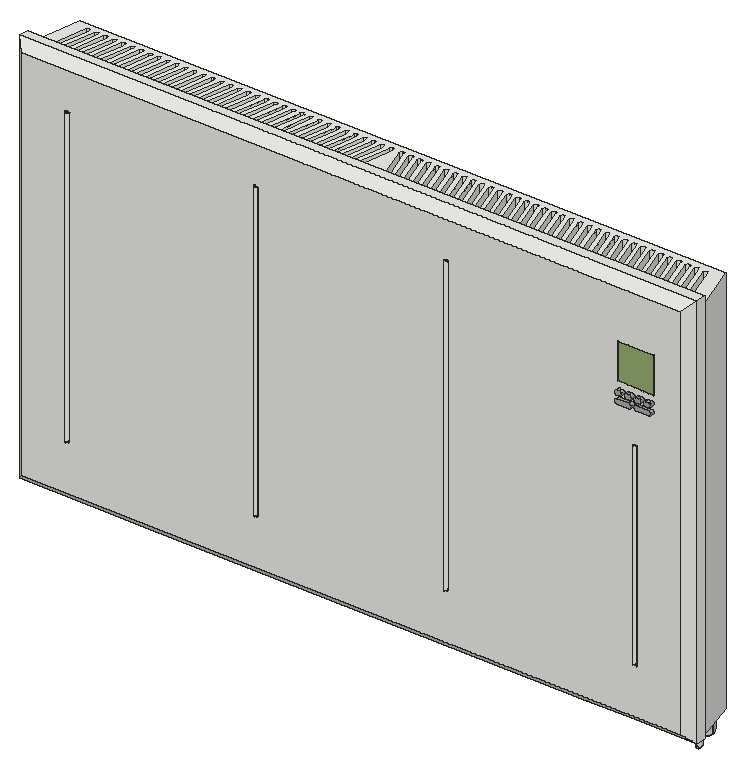
Revit family "MDN 750 PLUS", category Mechanical Equipment, Revit 2018
Family settings
  Round Connector Dimension = Use Radius
  Part Type = Normal
  OmniClass Number = 23.75.10.14.14.11
  OmniClass Title = Storage Heaters
  Work Plane-Based = No
  Always vertical = Yes
  Cut with Voids When Loaded = No
  Shared = No
  Room Calculation Point = No
Parameters
  Zwart = Zwart
  Voltage = 230 V
  URL = "https://masterwatt.nl/"
  Power (default) = 750 VA
  Phase = 1
  Model = "MDN 750 PLUS"
  Manufacturer = "Masterwatt B.V."
  Copyright = "Masterwatt B.V."  # constant formula
  Colour = Laquer White
  Scherm = Screen
  Beugel = Metaal
  Licht grijs = Licht grijs
  Diepte = 71 mm
  Hoogte = 440 mm
  Breedte = 750 mm
  Art. No. = "429 754 211"
Reference planes
  plane 1 "Center (Front/Back)": y = 0
  plane 2: z = 0
  plane 3 "Center (Left/Right)": x = 0
  plane 4: x = 375
  plane 5: x = -375
  plane 6: z = 440
  plane 7: y = 35.5
  plane 8: y = -35.5
  plane 9: z = 402
  plane 10: z = 412
  plane 11: x = -222
  plane 12: x = 222
  plane 13: z = 32
  plane 14: x = -201
  plane 15: x = 201
  plane 16: z = 367
  plane 17: x = -22
  plane 18: x = 22
Forms (mm)
  Extrusion 1, solid, material "Laquer White" <- "Colour"
    sketch origin (0, 0, 0) x (1, 0, 0) y (0, 0, 1)
      loop
        line (-375, 440) -> (-375, 0) -> (375, 0) -> (375, 440) -> (-375, 440)
    from 15.5 to 35.5
  Sweep 2, void
    path in 3D
      loop
        line (-375, -35.5, 440) -> (-375, -35.5, 0) -> (375, -35.5, 0) -> (375, -35.5, 440) -> (-375, -35.5, 440)
    profile origin (0, -35.5, 440) x (0, -1, 0) y (0, 0, 1)
      loop
        line (0, 0) -> (-10, 0) -> (0, -10) -> (0, 0)
  Blend 3, void
    base sketch origin (0, 0, 0) x (1, 0, 0) y (0, 0, 1)
      loop
        line (314, 278) -> (314, 62) -> (315, 62) -> (315, 278) -> (314, 278)
    top sketch origin (0, 0, 0) x (1, 0, 0) y (0, 0, 1)
      loop
        arc (312, 280) -> (311.293, 279.707) -> (311, 279) r 1
        line (311, 279) -> (311, 61)
        arc (311, 61) -> (311.293, 60.293) -> (312, 60) r 1
        line (312, 60) -> (317, 60)
        arc (317, 60) -> (317.707, 60.293) -> (318, 61) r 1
        line (318, 61) -> (318, 279)
        arc (318, 279) -> (317.707, 279.707) -> (317, 280) r 1
        line (317, 280) -> (312, 280)
    from 34 to 36
  Blend 4, void
    base sketch origin (-629, 0, 0) x (1, 0, 0) y (0, 0, 1)
      loop
        line (314, 388) -> (314, 62) -> (315, 62) -> (315, 388) -> (314, 388)
    top sketch origin (-629, 0, 0) x (1, 0, 0) y (0, 0, 1)
      loop
        arc (312, 390) -> (311.293, 389.707) -> (311, 389) r 1
        line (311, 389) -> (311, 61)
        arc (311, 61) -> (311.293, 60.293) -> (312, 60) r 1
        line (312, 60) -> (317, 60)
        arc (317, 60) -> (317.707, 60.293) -> (318, 61) r 1
        line (318, 61) -> (318, 389)
        arc (318, 389) -> (317.707, 389.707) -> (317, 390) r 1
        line (317, 390) -> (312, 390)
    from 34 to 36
  Blend 5, void
    base sketch origin (-420, 0, 0) x (1, 0, 0) y (0, 0, 1)
      loop
        line (314, 388) -> (314, 62) -> (315, 62) -> (315, 388) -> (314, 388)
    top sketch origin (-420, 0, 0) x (1, 0, 0) y (0, 0, 1)
      loop
        arc (312, 390) -> (311.293, 389.707) -> (311, 389) r 1
        line (311, 389) -> (311, 61)
        arc (311, 61) -> (311.293, 60.293) -> (312, 60) r 1
        line (312, 60) -> (317, 60)
        arc (317, 60) -> (317.707, 60.293) -> (318, 61) r 1
        line (318, 61) -> (318, 389)
        arc (318, 389) -> (317.707, 389.707) -> (317, 390) r 1
        line (317, 390) -> (312, 390)
    from 34 to 36
  Blend 6, void
    base sketch origin (-209, 0, 0) x (1, 0, 0) y (0, 0, 1)
      loop
        line (314, 388) -> (314, 62) -> (315, 62) -> (315, 388) -> (314, 388)
    top sketch origin (-209, 0, 0) x (1, 0, 0) y (0, 0, 1)
      loop
        arc (312, 390) -> (311.293, 389.707) -> (311, 389) r 1
        line (311, 389) -> (311, 61)
        arc (311, 61) -> (311.293, 60.293) -> (312, 60) r 1
        line (312, 60) -> (317, 60)
        arc (317, 60) -> (317.707, 60.293) -> (318, 61) r 1
        line (318, 61) -> (318, 389)
        arc (318, 389) -> (317.707, 389.707) -> (317, 390) r 1
        line (317, 390) -> (312, 390)
    from 34 to 36
  Extrusion 7, void
    sketch origin (0, 0, 0) x (1, 0, 0) y (0, 0, 1)
      loop
        line (295, 376) -> (295, 336) -> (335, 336) -> (335, 376) -> (295, 376)
    from 31.5 to 35.5
  Extrusion 8, solid, material "Screen" <- "Scherm"
    sketch origin (0, 0, 0) x (1, 0, 0) y (0, 0, 1)
      loop
        line (295, 376) -> (295, 336) -> (335, 336) -> (335, 376) -> (295, 376)
    from 31.5 to 35.5
  Extrusion 9, solid, material "Licht grijs" <- "Licht grijs"
    sketch origin (0, 0, 0) x (1, 0, 0) y (0, 0, 1)
      loop
        arc (297.5, 321.5) -> (295, 319) -> (297.5, 316.5) r 2.5
        line (297.5, 316.5) -> (311, 316.5)
        arc (311, 316.5) -> (313.5, 319) -> (311, 321.5) r 2.5
        line (311, 321.5) -> (297.5, 321.5)
      loop
        arc (319, 321.5) -> (316.5, 319) -> (319, 316.5) r 2.5
        line (319, 316.5) -> (332.5, 316.5)
        arc (332.5, 316.5) -> (335, 319) -> (332.5, 321.5) r 2.5
        line (332.5, 321.5) -> (319, 321.5)
      loop
        arc (297.5, 330) -> (295, 327.5) -> (297.5, 325) r 2.5
        line (297.5, 325) -> (300.3, 325)
        arc (300.3, 325) -> (302.8, 327.5) -> (300.3, 330) r 2.5
        line (300.3, 330) -> (297.5, 330)
      loop
        arc (319, 330) -> (316.5, 327.5) -> (319, 325) r 2.5
        line (319, 325) -> (321.8, 325)
        arc (321.8, 325) -> (324.3, 327.5) -> (321.8, 330) r 2.5
        line (321.8, 330) -> (319, 330)
      loop
        arc (329.7, 330) -> (327.2, 327.5) -> (329.7, 325) r 2.5
        line (329.7, 325) -> (332.5, 325)
        arc (332.5, 325) -> (335, 327.5) -> (332.5, 330) r 2.5
        line (332.5, 330) -> (329.7, 330)
      loop
        arc (308.2, 330) -> (305.7, 327.5) -> (308.2, 325) r 2.5
        line (308.2, 325) -> (311, 325)
        arc (311, 325) -> (313.5, 327.5) -> (311, 330) r 2.5
        line (311, 330) -> (308.2, 330)
    from 35.5 to 39.5
  Extrusion 10, solid, material "Laquer White"
    sketch origin (0, 0, 0) x (0, 1, 0) y (0, 0, 1)
      loop
        line (-25.5, 2) -> (35.5, 2) -> (35.5, 434) -> (-25.5, 428.02) -> (-25.5, 2)
    from -373 to 373
  Extrusion 11, void
    sketch origin (0, 0, 0) x (1, 0, 0) y (0, 1, 0)
      loop
        line (373, -15.5) -> (373, 35.5) -> (357.408, 35.5) -> (373, -15.5)
    from 2 to 440
  Extrusion 12, void
    sketch origin (0, 0, 0) x (-1, 0, 0) y (0, -1, 0)
      loop
        line (373, 15.5) -> (357.408, -35.5) -> (373, -35.5) -> (373, 15.5)
    from 2 to 440
  Extrusion 13, void
    sketch origin (0, 0, 0) x (1, 0, 0) y (0, 1, 0)
      loop
        arc (350.43, -7.84) -> (353.551, -9.5) -> (355.211, -6.378) r 2.5
        line (355.211, -6.378) -> (344.978, 27.092)
        arc (344.978, 27.092) -> (341.857, 28.752) -> (340.197, 25.63) r 2.5
        line (340.197, 25.63) -> (350.43, -7.84)
      loop
        arc (340.53, -7.84) -> (343.651, -9.5) -> (345.311, -6.378) r 2.5
        line (345.311, -6.378) -> (335.078, 27.092)
        arc (335.078, 27.092) -> (331.957, 28.752) -> (330.297, 25.63) r 2.5
        line (330.297, 25.63) -> (340.53, -7.84)
      loop
        arc (330.63, -7.84) -> (333.751, -9.5) -> (335.411, -6.378) r 2.5
        line (335.411, -6.378) -> (325.178, 27.092)
        arc (325.178, 27.092) -> (322.057, 28.752) -> (320.397, 25.63) r 2.5
        line (320.397, 25.63) -> (330.63, -7.84)
      loop
        arc (320.73, -7.84) -> (323.851, -9.5) -> (325.511, -6.378) r 2.5
        line (325.511, -6.378) -> (315.278, 27.092)
        arc (315.278, 27.092) -> (312.157, 28.752) -> (310.497, 25.63) r 2.5
        line (310.497, 25.63) -> (320.73, -7.84)
      loop
        arc (310.83, -7.84) -> (313.951, -9.5) -> (315.611, -6.378) r 2.5
        line (315.611, -6.378) -> (305.378, 27.092)
        arc (305.378, 27.092) -> (302.257, 28.752) -> (300.597, 25.63) r 2.5
        line (300.597, 25.63) -> (310.83, -7.84)
      loop
        arc (300.93, -7.84) -> (304.051, -9.5) -> (305.711, -6.378) r 2.5
        line (305.711, -6.378) -> (295.478, 27.092)
        arc (295.478, 27.092) -> (292.357, 28.752) -> (290.697, 25.63) r 2.5
        line (290.697, 25.63) -> (300.93, -7.84)
      loop
        arc (291.03, -7.84) -> (294.151, -9.5) -> (295.811, -6.378) r 2.5
        line (295.811, -6.378) -> (285.578, 27.092)
        arc (285.578, 27.092) -> (282.457, 28.752) -> (280.797, 25.63) r 2.5
        line (280.797, 25.63) -> (291.03, -7.84)
      loop
        arc (281.13, -7.84) -> (284.251, -9.5) -> (285.911, -6.378) r 2.5
        line (285.911, -6.378) -> (275.678, 27.092)
        arc (275.678, 27.092) -> (272.557, 28.752) -> (270.897, 25.63) r 2.5
        line (270.897, 25.63) -> (281.13, -7.84)
      loop
        arc (271.23, -7.84) -> (274.351, -9.5) -> (276.011, -6.378) r 2.5
        line (276.011, -6.378) -> (265.778, 27.092)
        arc (265.778, 27.092) -> (262.657, 28.752) -> (260.997, 25.63) r 2.5
        line (260.997, 25.63) -> (271.23, -7.84)
      loop
        arc (261.33, -7.84) -> (264.451, -9.5) -> (266.111, -6.378) r 2.5
        line (266.111, -6.378) -> (255.878, 27.092)
        arc (255.878, 27.092) -> (252.757, 28.752) -> (251.097, 25.63) r 2.5
        line (251.097, 25.63) -> (261.33, -7.84)
      loop
        arc (251.43, -7.84) -> (254.551, -9.5) -> (256.211, -6.378) r 2.5
        line (256.211, -6.378) -> (245.978, 27.092)
        arc (245.978, 27.092) -> (242.857, 28.752) -> (241.197, 25.63) r 2.5
        line (241.197, 25.63) -> (251.43, -7.84)
      loop
        arc (241.53, -7.84) -> (244.651, -9.5) -> (246.311, -6.378) r 2.5
        line (246.311, -6.378) -> (236.078, 27.092)
        arc (236.078, 27.092) -> (232.957, 28.752) -> (231.297, 25.63) r 2.5
        line (231.297, 25.63) -> (241.53, -7.84)
      loop
        arc (231.63, -7.84) -> (234.751, -9.5) -> (236.411, -6.378) r 2.5
        line (236.411, -6.378) -> (226.178, 27.092)
        arc (226.178, 27.092) -> (223.057, 28.752) -> (221.397, 25.63) r 2.5
        line (221.397, 25.63) -> (231.63, -7.84)
      loop
        arc (221.73, -7.84) -> (224.851, -9.5) -> (226.511, -6.378) r 2.5
        line (226.511, -6.378) -> (216.278, 27.092)
        arc (216.278, 27.092) -> (213.157, 28.752) -> (211.497, 25.63) r 2.5
        line (211.497, 25.63) -> (221.73, -7.84)
      loop
        arc (211.83, -7.84) -> (214.951, -9.5) -> (216.611, -6.378) r 2.5
        line (216.611, -6.378) -> (206.378, 27.092)
        arc (206.378, 27.092) -> (203.257, 28.752) -> (201.597, 25.63) r 2.5
        line (201.597, 25.63) -> (211.83, -7.84)
      loop
        arc (201.93, -7.84) -> (205.051, -9.5) -> (206.711, -6.378) r 2.5
        line (206.711, -6.378) -> (196.478, 27.092)
        arc (196.478, 27.092) -> (193.357, 28.752) -> (191.697, 25.63) r 2.5
        line (191.697, 25.63) -> (201.93, -7.84)
      loop
        arc (192.03, -7.84) -> (195.151, -9.5) -> (196.811, -6.378) r 2.5
        line (196.811, -6.378) -> (186.578, 27.092)
        arc (186.578, 27.092) -> (183.457, 28.752) -> (181.797, 25.63) r 2.5
        line (181.797, 25.63) -> (192.03, -7.84)
      loop
        arc (182.13, -7.84) -> (185.251, -9.5) -> (186.911, -6.378) r 2.5
        line (186.911, -6.378) -> (176.678, 27.092)
        arc (176.678, 27.092) -> (173.557, 28.752) -> (171.897, 25.63) r 2.5
        line (171.897, 25.63) -> (182.13, -7.84)
      loop
        arc (172.23, -7.84) -> (175.351, -9.5) -> (177.011, -6.378) r 2.5
        line (177.011, -6.378) -> (166.778, 27.092)
        arc (166.778, 27.092) -> (163.657, 28.752) -> (161.997, 25.63) r 2.5
        line (161.997, 25.63) -> (172.23, -7.84)
      loop
        arc (162.33, -7.84) -> (165.451, -9.5) -> (167.111, -6.378) r 2.5
        line (167.111, -6.378) -> (156.878, 27.092)
        arc (156.878, 27.092) -> (153.757, 28.752) -> (152.097, 25.63) r 2.5
        line (152.097, 25.63) -> (162.33, -7.84)
      loop
        arc (152.43, -7.84) -> (155.551, -9.5) -> (157.211, -6.378) r 2.5
        line (157.211, -6.378) -> (146.978, 27.092)
        arc (146.978, 27.092) -> (143.857, 28.752) -> (142.197, 25.63) r 2.5
        line (142.197, 25.63) -> (152.43, -7.84)
      loop
        arc (142.53, -7.84) -> (145.651, -9.5) -> (147.311, -6.378) r 2.5
        line (147.311, -6.378) -> (137.078, 27.092)
        arc (137.078, 27.092) -> (133.957, 28.752) -> (132.297, 25.63) r 2.5
        line (132.297, 25.63) -> (142.53, -7.84)
      loop
        arc (132.63, -7.84) -> (135.751, -9.5) -> (137.411, -6.378) r 2.5
        line (137.411, -6.378) -> (127.178, 27.092)
        arc (127.178, 27.092) -> (124.057, 28.752) -> (122.397, 25.63) r 2.5
        line (122.397, 25.63) -> (132.63, -7.84)
      loop
        arc (122.73, -7.84) -> (125.851, -9.5) -> (127.511, -6.378) r 2.5
        line (127.511, -6.378) -> (117.278, 27.092)
        arc (117.278, 27.092) -> (114.157, 28.752) -> (112.497, 25.63) r 2.5
        line (112.497, 25.63) -> (122.73, -7.84)
      loop
        arc (112.83, -7.84) -> (115.951, -9.5) -> (117.611, -6.378) r 2.5
        line (117.611, -6.378) -> (107.378, 27.092)
        arc (107.378, 27.092) -> (104.257, 28.752) -> (102.597, 25.63) r 2.5
        line (102.597, 25.63) -> (112.83, -7.84)
      loop
        arc (102.93, -7.84) -> (106.051, -9.5) -> (107.711, -6.378) r 2.5
        line (107.711, -6.378) -> (97.478, 27.092)
        arc (97.478, 27.092) -> (94.357, 28.752) -> (92.697, 25.63) r 2.5
        line (92.697, 25.63) -> (102.93, -7.84)
      loop
        arc (93.03, -7.84) -> (96.151, -9.5) -> (97.811, -6.378) r 2.5
        line (97.811, -6.378) -> (87.578, 27.092)
        arc (87.578, 27.092) -> (84.457, 28.752) -> (82.797, 25.63) r 2.5
        line (82.797, 25.63) -> (93.03, -7.84)
      loop
        arc (83.13, -7.84) -> (86.251, -9.5) -> (87.911, -6.378) r 2.5
        line (87.911, -6.378) -> (77.678, 27.092)
        arc (77.678, 27.092) -> (74.557, 28.752) -> (72.897, 25.63) r 2.5
        line (72.897, 25.63) -> (83.13, -7.84)
      loop
        arc (73.23, -7.84) -> (76.351, -9.5) -> (78.011, -6.378) r 2.5
        line (78.011, -6.378) -> (67.778, 27.092)
        arc (67.778, 27.092) -> (64.657, 28.752) -> (62.997, 25.63) r 2.5
        line (62.997, 25.63) -> (73.23, -7.84)
      loop
        arc (63.33, -7.84) -> (66.451, -9.5) -> (68.111, -6.378) r 2.5
        line (68.111, -6.378) -> (57.878, 27.092)
        arc (57.878, 27.092) -> (54.757, 28.752) -> (53.097, 25.63) r 2.5
        line (53.097, 25.63) -> (63.33, -7.84)
      loop
        arc (53.43, -7.84) -> (56.551, -9.5) -> (58.211, -6.378) r 2.5
        line (58.211, -6.378) -> (47.978, 27.092)
        arc (47.978, 27.092) -> (44.857, 28.752) -> (43.197, 25.63) r 2.5
        line (43.197, 25.63) -> (53.43, -7.84)
      loop
        arc (43.53, -7.84) -> (46.651, -9.5) -> (48.311, -6.378) r 2.5
        line (48.311, -6.378) -> (38.078, 27.092)
        arc (38.078, 27.092) -> (34.957, 28.752) -> (33.297, 25.63) r 2.5
        line (33.297, 25.63) -> (43.53, -7.84)
      loop
        arc (33.63, -7.84) -> (36.751, -9.5) -> (38.411, -6.378) r 2.5
        line (38.411, -6.378) -> (28.178, 27.092)
        arc (28.178, 27.092) -> (25.057, 28.752) -> (23.397, 25.63) r 2.5
        line (23.397, 25.63) -> (33.63, -7.84)
      loop
        arc (23.73, -7.84) -> (26.851, -9.5) -> (28.511, -6.378) r 2.5
        line (28.511, -6.378) -> (18.278, 27.092)
        arc (18.278, 27.092) -> (15.157, 28.752) -> (13.497, 25.63) r 2.5
        line (13.497, 25.63) -> (23.73, -7.84)
      loop
        arc (13.83, -7.84) -> (16.951, -9.5) -> (18.611, -6.378) r 2.5
        line (18.611, -6.378) -> (8.378, 27.092)
        arc (8.378, 27.092) -> (5.257, 28.752) -> (3.597, 25.63) r 2.5
        line (3.597, 25.63) -> (13.83, -7.84)
      loop
        line (-350.43, -7.84) -> (-340.197, 25.63)
        arc (-340.197, 25.63) -> (-341.857, 28.752) -> (-344.978, 27.092) r 2.5
        line (-344.978, 27.092) -> (-355.211, -6.378)
        arc (-355.211, -6.378) -> (-353.551, -9.5) -> (-350.43, -7.84) r 2.5
      loop
        line (-340.53, -7.84) -> (-330.297, 25.63)
        arc (-330.297, 25.63) -> (-331.957, 28.752) -> (-335.078, 27.092) r 2.5
        line (-335.078, 27.092) -> (-345.311, -6.378)
        arc (-345.311, -6.378) -> (-343.651, -9.5) -> (-340.53, -7.84) r 2.5
      loop
        line (-330.63, -7.84) -> (-320.397, 25.63)
        arc (-320.397, 25.63) -> (-322.057, 28.752) -> (-325.178, 27.092) r 2.5
        line (-325.178, 27.092) -> (-335.411, -6.378)
        arc (-335.411, -6.378) -> (-333.751, -9.5) -> (-330.63, -7.84) r 2.5
      loop
        line (-320.73, -7.84) -> (-310.497, 25.63)
        arc (-310.497, 25.63) -> (-312.157, 28.752) -> (-315.278, 27.092) r 2.5
        line (-315.278, 27.092) -> (-325.511, -6.378)
        arc (-325.511, -6.378) -> (-323.851, -9.5) -> (-320.73, -7.84) r 2.5
      loop
        line (-310.83, -7.84) -> (-300.597, 25.63)
        arc (-300.597, 25.63) -> (-302.257, 28.752) -> (-305.378, 27.092) r 2.5
        line (-305.378, 27.092) -> (-315.611, -6.378)
        arc (-315.611, -6.378) -> (-313.951, -9.5) -> (-310.83, -7.84) r 2.5
      loop
        line (-300.93, -7.84) -> (-290.697, 25.63)
        arc (-290.697, 25.63) -> (-292.357, 28.752) -> (-295.478, 27.092) r 2.5
        line (-295.478, 27.092) -> (-305.711, -6.378)
        arc (-305.711, -6.378) -> (-304.051, -9.5) -> (-300.93, -7.84) r 2.5
      loop
        line (-291.03, -7.84) -> (-280.797, 25.63)
        arc (-280.797, 25.63) -> (-282.457, 28.752) -> (-285.578, 27.092) r 2.5
        line (-285.578, 27.092) -> (-295.811, -6.378)
        arc (-295.811, -6.378) -> (-294.151, -9.5) -> (-291.03, -7.84) r 2.5
      loop
        line (-281.13, -7.84) -> (-270.897, 25.63)
        arc (-270.897, 25.63) -> (-272.557, 28.752) -> (-275.678, 27.092) r 2.5
        line (-275.678, 27.092) -> (-285.911, -6.378)
        arc (-285.911, -6.378) -> (-284.251, -9.5) -> (-281.13, -7.84) r 2.5
      loop
        line (-271.23, -7.84) -> (-260.997, 25.63)
        arc (-260.997, 25.63) -> (-262.657, 28.752) -> (-265.778, 27.092) r 2.5
        line (-265.778, 27.092) -> (-276.011, -6.378)
        arc (-276.011, -6.378) -> (-274.351, -9.5) -> (-271.23, -7.84) r 2.5
      loop
        line (-261.33, -7.84) -> (-251.097, 25.63)
        arc (-251.097, 25.63) -> (-252.757, 28.752) -> (-255.878, 27.092) r 2.5
        line (-255.878, 27.092) -> (-266.111, -6.378)
        arc (-266.111, -6.378) -> (-264.451, -9.5) -> (-261.33, -7.84) r 2.5
      loop
        line (-251.43, -7.84) -> (-241.197, 25.63)
        arc (-241.197, 25.63) -> (-242.857, 28.752) -> (-245.978, 27.092) r 2.5
        line (-245.978, 27.092) -> (-256.211, -6.378)
        arc (-256.211, -6.378) -> (-254.551, -9.5) -> (-251.43, -7.84) r 2.5
      loop
        line (-241.53, -7.84) -> (-231.297, 25.63)
        arc (-231.297, 25.63) -> (-232.957, 28.752) -> (-236.078, 27.092) r 2.5
        line (-236.078, 27.092) -> (-246.311, -6.378)
        arc (-246.311, -6.378) -> (-244.651, -9.5) -> (-241.53, -7.84) r 2.5
      loop
        line (-231.63, -7.84) -> (-221.397, 25.63)
        arc (-221.397, 25.63) -> (-223.057, 28.752) -> (-226.178, 27.092) r 2.5
        line (-226.178, 27.092) -> (-236.411, -6.378)
        arc (-236.411, -6.378) -> (-234.751, -9.5) -> (-231.63, -7.84) r 2.5
      loop
        line (-221.73, -7.84) -> (-211.497, 25.63)
        arc (-211.497, 25.63) -> (-213.157, 28.752) -> (-216.278, 27.092) r 2.5
        line (-216.278, 27.092) -> (-226.511, -6.378)
        arc (-226.511, -6.378) -> (-224.851, -9.5) -> (-221.73, -7.84) r 2.5
      loop
        line (-211.83, -7.84) -> (-201.597, 25.63)
        arc (-201.597, 25.63) -> (-203.257, 28.752) -> (-206.378, 27.092) r 2.5
        line (-206.378, 27.092) -> (-216.611, -6.378)
        arc (-216.611, -6.378) -> (-214.951, -9.5) -> (-211.83, -7.84) r 2.5
      loop
        line (-201.93, -7.84) -> (-191.697, 25.63)
        arc (-191.697, 25.63) -> (-193.357, 28.752) -> (-196.478, 27.092) r 2.5
        line (-196.478, 27.092) -> (-206.711, -6.378)
        arc (-206.711, -6.378) -> (-205.051, -9.5) -> (-201.93, -7.84) r 2.5
      loop
        line (-192.03, -7.84) -> (-181.797, 25.63)
        arc (-181.797, 25.63) -> (-183.457, 28.752) -> (-186.578, 27.092) r 2.5
        line (-186.578, 27.092) -> (-196.811, -6.378)
        arc (-196.811, -6.378) -> (-195.151, -9.5) -> (-192.03, -7.84) r 2.5
      loop
        line (-182.13, -7.84) -> (-171.897, 25.63)
        arc (-171.897, 25.63) -> (-173.557, 28.752) -> (-176.678, 27.092) r 2.5
        line (-176.678, 27.092) -> (-186.911, -6.378)
        arc (-186.911, -6.378) -> (-185.251, -9.5) -> (-182.13, -7.84) r 2.5
      loop
        line (-172.23, -7.84) -> (-161.997, 25.63)
        arc (-161.997, 25.63) -> (-163.657, 28.752) -> (-166.778, 27.092) r 2.5
        line (-166.778, 27.092) -> (-177.011, -6.378)
        arc (-177.011, -6.378) -> (-175.351, -9.5) -> (-172.23, -7.84) r 2.5
      loop
        line (-162.33, -7.84) -> (-152.097, 25.63)
        arc (-152.097, 25.63) -> (-153.757, 28.752) -> (-156.878, 27.092) r 2.5
        line (-156.878, 27.092) -> (-167.111, -6.378)
        arc (-167.111, -6.378) -> (-165.451, -9.5) -> (-162.33, -7.84) r 2.5
      loop
        line (-152.43, -7.84) -> (-142.197, 25.63)
        arc (-142.197, 25.63) -> (-143.857, 28.752) -> (-146.978, 27.092) r 2.5
        line (-146.978, 27.092) -> (-157.211, -6.378)
        arc (-157.211, -6.378) -> (-155.551, -9.5) -> (-152.43, -7.84) r 2.5
      loop
        line (-142.53, -7.84) -> (-132.297, 25.63)
        arc (-132.297, 25.63) -> (-133.957, 28.752) -> (-137.078, 27.092) r 2.5
        line (-137.078, 27.092) -> (-147.311, -6.378)
        arc (-147.311, -6.378) -> (-145.651, -9.5) -> (-142.53, -7.84) r 2.5
      loop
        line (-132.63, -7.84) -> (-122.397, 25.63)
        arc (-122.397, 25.63) -> (-124.057, 28.752) -> (-127.178, 27.092) r 2.5
        line (-127.178, 27.092) -> (-137.411, -6.378)
        arc (-137.411, -6.378) -> (-135.751, -9.5) -> (-132.63, -7.84) r 2.5
      loop
        line (-122.73, -7.84) -> (-112.497, 25.63)
        arc (-112.497, 25.63) -> (-114.157, 28.752) -> (-117.278, 27.092) r 2.5
        line (-117.278, 27.092) -> (-127.511, -6.378)
        arc (-127.511, -6.378) -> (-125.851, -9.5) -> (-122.73, -7.84) r 2.5
      loop
        line (-112.83, -7.84) -> (-102.597, 25.63)
        arc (-102.597, 25.63) -> (-104.257, 28.752) -> (-107.378, 27.092) r 2.5
        line (-107.378, 27.092) -> (-117.611, -6.378)
        arc (-117.611, -6.378) -> (-115.951, -9.5) -> (-112.83, -7.84) r 2.5
      loop
        line (-102.93, -7.84) -> (-92.697, 25.63)
        arc (-92.697, 25.63) -> (-94.357, 28.752) -> (-97.478, 27.092) r 2.5
        line (-97.478, 27.092) -> (-107.711, -6.378)
        arc (-107.711, -6.378) -> (-106.051, -9.5) -> (-102.93, -7.84) r 2.5
      loop
        line (-93.03, -7.84) -> (-82.797, 25.63)
        arc (-82.797, 25.63) -> (-84.457, 28.752) -> (-87.578, 27.092) r 2.5
        line (-87.578, 27.092) -> (-97.811, -6.378)
        arc (-97.811, -6.378) -> (-96.151, -9.5) -> (-93.03, -7.84) r 2.5
      loop
        line (-83.13, -7.84) -> (-72.897, 25.63)
        arc (-72.897, 25.63) -> (-74.557, 28.752) -> (-77.678, 27.092) r 2.5
        line (-77.678, 27.092) -> (-87.911, -6.378)
        arc (-87.911, -6.378) -> (-86.251, -9.5) -> (-83.13, -7.84) r 2.5
      loop
        line (-73.23, -7.84) -> (-62.997, 25.63)
        arc (-62.997, 25.63) -> (-64.657, 28.752) -> (-67.778, 27.092) r 2.5
        line (-67.778, 27.092) -> (-78.011, -6.378)
        arc (-78.011, -6.378) -> (-76.351, -9.5) -> (-73.23, -7.84) r 2.5
      loop
        line (-63.33, -7.84) -> (-53.097, 25.63)
        arc (-53.097, 25.63) -> (-54.757, 28.752) -> (-57.878, 27.092) r 2.5
        line (-57.878, 27.092) -> (-68.111, -6.378)
        arc (-68.111, -6.378) -> (-66.451, -9.5) -> (-63.33, -7.84) r 2.5
      loop
        line (-53.43, -7.84) -> (-43.197, 25.63)
        arc (-43.197, 25.63) -> (-44.857, 28.752) -> (-47.978, 27.092) r 2.5
        line (-47.978, 27.092) -> (-58.211, -6.378)
        arc (-58.211, -6.378) -> (-56.551, -9.5) -> (-53.43, -7.84) r 2.5
      loop
        line (-43.53, -7.84) -> (-33.297, 25.63)
        arc (-33.297, 25.63) -> (-34.957, 28.752) -> (-38.078, 27.092) r 2.5
        line (-38.078, 27.092) -> (-48.311, -6.378)
        arc (-48.311, -6.378) -> (-46.651, -9.5) -> (-43.53, -7.84) r 2.5
      loop
        line (-33.63, -7.84) -> (-23.397, 25.63)
        arc (-23.397, 25.63) -> (-25.057, 28.752) -> (-28.178, 27.092) r 2.5
        line (-28.178, 27.092) -> (-38.411, -6.378)
        arc (-38.411, -6.378) -> (-36.751, -9.5) -> (-33.63, -7.84) r 2.5
      loop
        line (-23.73, -7.84) -> (-13.497, 25.63)
        arc (-13.497, 25.63) -> (-15.157, 28.752) -> (-18.278, 27.092) r 2.5
        line (-18.278, 27.092) -> (-28.511, -6.378)
        arc (-28.511, -6.378) -> (-26.851, -9.5) -> (-23.73, -7.84) r 2.5
      loop
        line (-13.83, -7.84) -> (-3.597, 25.63)
        arc (-3.597, 25.63) -> (-5.257, 28.752) -> (-8.378, 27.092) r 2.5
        line (-8.378, 27.092) -> (-18.611, -6.378)
        arc (-18.611, -6.378) -> (-16.951, -9.5) -> (-13.83, -7.84) r 2.5
    from 420 to 440
  Extrusion 14, void
    sketch origin (0, 0, 0) x (1, 0, 0) y (0, 1, 0)
      loop
        line (297, -25.5) -> (297, -15.5) -> (253, -15.5) -> (253, -25.5) -> (297, -25.5)
    from 0 to 3
  Extrusion 15, void
    sketch origin (0, 0, 0) x (-1, 0, 0) y (0, -1, 0)
      loop
        line (297, 25.5) -> (253, 25.5) -> (253, 15.5) -> (297, 15.5) -> (297, 25.5)
    from 0 to 3
  Extrusion 16, void
    sketch origin (0, 200, 0) x (1, 0, 0) y (0, 1, 0)
      loop
        line (-330, -184) -> (-330, -209)
        arc (-330, -209) -> (-327.5, -211.5) -> (-325, -209) r 2.5
        line (-325, -209) -> (-325, -184)
        arc (-325, -184) -> (-327.5, -181.5) -> (-330, -184) r 2.5
      loop
        line (-320, -184) -> (-320, -209)
        arc (-320, -209) -> (-317.5, -211.5) -> (-315, -209) r 2.5
        line (-315, -209) -> (-315, -184)
        arc (-315, -184) -> (-317.5, -181.5) -> (-320, -184) r 2.5
      loop
        line (-310, -184) -> (-310, -209)
        arc (-310, -209) -> (-307.5, -211.5) -> (-305, -209) r 2.5
        line (-305, -209) -> (-305, -184)
        arc (-305, -184) -> (-307.5, -181.5) -> (-310, -184) r 2.5
      loop
        line (2.5, -184) -> (2.5, -209)
        arc (2.5, -209) -> (5, -211.5) -> (7.5, -209) r 2.5
        line (7.5, -209) -> (7.5, -184)
        arc (7.5, -184) -> (5, -181.5) -> (2.5, -184) r 2.5
      loop
        line (-7.5, -184) -> (-7.5, -209)
        arc (-7.5, -209) -> (-5, -211.5) -> (-2.5, -209) r 2.5
        line (-2.5, -209) -> (-2.5, -184)
        arc (-2.5, -184) -> (-5, -181.5) -> (-7.5, -184) r 2.5
      loop
        line (-17.5, -184) -> (-17.5, -209)
        arc (-17.5, -209) -> (-15, -211.5) -> (-12.5, -209) r 2.5
        line (-12.5, -209) -> (-12.5, -184)
        arc (-12.5, -184) -> (-15, -181.5) -> (-17.5, -184) r 2.5
      loop
        line (-27.5, -184) -> (-27.5, -209)
        arc (-27.5, -209) -> (-25, -211.5) -> (-22.5, -209) r 2.5
        line (-22.5, -209) -> (-22.5, -184)
        arc (-22.5, -184) -> (-25, -181.5) -> (-27.5, -184) r 2.5
      loop
        line (-37.5, -184) -> (-37.5, -209)
        arc (-37.5, -209) -> (-35, -211.5) -> (-32.5, -209) r 2.5
        line (-32.5, -209) -> (-32.5, -184)
        arc (-32.5, -184) -> (-35, -181.5) -> (-37.5, -184) r 2.5
      loop
        line (-47.5, -184) -> (-47.5, -209)
        arc (-47.5, -209) -> (-45, -211.5) -> (-42.5, -209) r 2.5
        line (-42.5, -209) -> (-42.5, -184)
        arc (-42.5, -184) -> (-45, -181.5) -> (-47.5, -184) r 2.5
      loop
        line (-57.5, -184) -> (-57.5, -209)
        arc (-57.5, -209) -> (-55, -211.5) -> (-52.5, -209) r 2.5
        line (-52.5, -209) -> (-52.5, -184)
        arc (-52.5, -184) -> (-55, -181.5) -> (-57.5, -184) r 2.5
      loop
        line (-67.5, -184) -> (-67.5, -209)
        arc (-67.5, -209) -> (-65, -211.5) -> (-62.5, -209) r 2.5
        line (-62.5, -209) -> (-62.5, -184)
        arc (-62.5, -184) -> (-65, -181.5) -> (-67.5, -184) r 2.5
      loop
        line (42.5, -184) -> (42.5, -209)
        arc (42.5, -209) -> (45, -211.5) -> (47.5, -209) r 2.5
        line (47.5, -209) -> (47.5, -184)
        arc (47.5, -184) -> (45, -181.5) -> (42.5, -184) r 2.5
      loop
        line (32.5, -184) -> (32.5, -209)
        arc (32.5, -209) -> (35, -211.5) -> (37.5, -209) r 2.5
        line (37.5, -209) -> (37.5, -184)
        arc (37.5, -184) -> (35, -181.5) -> (32.5, -184) r 2.5
      loop
        line (22.5, -184) -> (22.5, -209)
        arc (22.5, -209) -> (25, -211.5) -> (27.5, -209) r 2.5
        line (27.5, -209) -> (27.5, -184)
        arc (27.5, -184) -> (25, -181.5) -> (22.5, -184) r 2.5
      loop
        line (12.5, -184) -> (12.5, -209)
        arc (12.5, -209) -> (15, -211.5) -> (17.5, -209) r 2.5
        line (17.5, -209) -> (17.5, -184)
        arc (17.5, -184) -> (15, -181.5) -> (12.5, -184) r 2.5
      loop
        line (62.5, -184) -> (62.5, -209)
        arc (62.5, -209) -> (65, -211.5) -> (67.5, -209) r 2.5
        line (67.5, -209) -> (67.5, -184)
        arc (67.5, -184) -> (65, -181.5) -> (62.5, -184) r 2.5
      loop
        line (52.5, -184) -> (52.5, -209)
        arc (52.5, -209) -> (55, -211.5) -> (57.5, -209) r 2.5
        line (57.5, -209) -> (57.5, -184)
        arc (57.5, -184) -> (55, -181.5) -> (52.5, -184) r 2.5
      loop
        line (-97.5, -184) -> (-97.5, -209)
        arc (-97.5, -209) -> (-95, -211.5) -> (-92.5, -209) r 2.5
        line (-92.5, -209) -> (-92.5, -184)
        arc (-92.5, -184) -> (-95, -181.5) -> (-97.5, -184) r 2.5
      loop
        line (-107.5, -184) -> (-107.5, -209)
        arc (-107.5, -209) -> (-105, -211.5) -> (-102.5, -209) r 2.5
        line (-102.5, -209) -> (-102.5, -184)
        arc (-102.5, -184) -> (-105, -181.5) -> (-107.5, -184) r 2.5
      loop
        line (-117.5, -184) -> (-117.5, -209)
        arc (-117.5, -209) -> (-115, -211.5) -> (-112.5, -209) r 2.5
        line (-112.5, -209) -> (-112.5, -184)
        arc (-112.5, -184) -> (-115, -181.5) -> (-117.5, -184) r 2.5
      loop
        line (-127.5, -184) -> (-127.5, -209)
        arc (-127.5, -209) -> (-125, -211.5) -> (-122.5, -209) r 2.5
        line (-122.5, -209) -> (-122.5, -184)
        arc (-122.5, -184) -> (-125, -181.5) -> (-127.5, -184) r 2.5
      loop
        line (-137.5, -184) -> (-137.5, -209)
        arc (-137.5, -209) -> (-135, -211.5) -> (-132.5, -209) r 2.5
        line (-132.5, -209) -> (-132.5, -184)
        arc (-132.5, -184) -> (-135, -181.5) -> (-137.5, -184) r 2.5
      loop
        line (-147.5, -184) -> (-147.5, -209)
        arc (-147.5, -209) -> (-145, -211.5) -> (-142.5, -209) r 2.5
        line (-142.5, -209) -> (-142.5, -184)
        arc (-142.5, -184) -> (-145, -181.5) -> (-147.5, -184) r 2.5
      loop
        line (-157.5, -184) -> (-157.5, -209)
        arc (-157.5, -209) -> (-155, -211.5) -> (-152.5, -209) r 2.5
        line (-152.5, -209) -> (-152.5, -184)
        arc (-152.5, -184) -> (-155, -181.5) -> (-157.5, -184) r 2.5
      loop
        line (-167.5, -184) -> (-167.5, -209)
        arc (-167.5, -209) -> (-165, -211.5) -> (-162.5, -209) r 2.5
        line (-162.5, -209) -> (-162.5, -184)
        arc (-162.5, -184) -> (-165, -181.5) -> (-167.5, -184) r 2.5
      loop
        line (-77.5, -184) -> (-77.5, -209)
        arc (-77.5, -209) -> (-75, -211.5) -> (-72.5, -209) r 2.5
        line (-72.5, -209) -> (-72.5, -184)
        arc (-72.5, -184) -> (-75, -181.5) -> (-77.5, -184) r 2.5
      loop
        line (-87.5, -184) -> (-87.5, -209)
        arc (-87.5, -209) -> (-85, -211.5) -> (-82.5, -209) r 2.5
        line (-82.5, -209) -> (-82.5, -184)
        arc (-82.5, -184) -> (-85, -181.5) -> (-87.5, -184) r 2.5
      loop
        line (-197.5, -184) -> (-197.5, -209)
        arc (-197.5, -209) -> (-195, -211.5) -> (-192.5, -209) r 2.5
        line (-192.5, -209) -> (-192.5, -184)
        arc (-192.5, -184) -> (-195, -181.5) -> (-197.5, -184) r 2.5
      loop
        line (-207.5, -184) -> (-207.5, -209)
        arc (-207.5, -209) -> (-205, -211.5) -> (-202.5, -209) r 2.5
        line (-202.5, -209) -> (-202.5, -184)
        arc (-202.5, -184) -> (-205, -181.5) -> (-207.5, -184) r 2.5
      loop
        line (-217.5, -184) -> (-217.5, -209)
        arc (-217.5, -209) -> (-215, -211.5) -> (-212.5, -209) r 2.5
        line (-212.5, -209) -> (-212.5, -184)
        arc (-212.5, -184) -> (-215, -181.5) -> (-217.5, -184) r 2.5
      loop
        line (-227.5, -184) -> (-227.5, -209)
        arc (-227.5, -209) -> (-225, -211.5) -> (-222.5, -209) r 2.5
        line (-222.5, -209) -> (-222.5, -184)
        arc (-222.5, -184) -> (-225, -181.5) -> (-227.5, -184) r 2.5
      loop
        line (-237.5, -184) -> (-237.5, -209)
        arc (-237.5, -209) -> (-235, -211.5) -> (-232.5, -209) r 2.5
        line (-232.5, -209) -> (-232.5, -184)
        arc (-232.5, -184) -> (-235, -181.5) -> (-237.5, -184) r 2.5
      loop
        line (-247.033, -184) -> (-247.033, -209)
        arc (-247.033, -209) -> (-244.766, -211.266) -> (-242.5, -209) r 2.266
        line (-242.5, -209) -> (-242.5, -184)
        arc (-242.5, -184) -> (-244.766, -181.734) -> (-247.033, -184) r 2.266
      loop
        line (-177.5, -184) -> (-177.5, -209)
        arc (-177.5, -209) -> (-175, -211.5) -> (-172.5, -209) r 2.5
        line (-172.5, -209) -> (-172.5, -184)
        arc (-172.5, -184) -> (-175, -181.5) -> (-177.5, -184) r 2.5
      loop
        line (-187.5, -184) -> (-187.5, -209)
        arc (-187.5, -209) -> (-185, -211.5) -> (-182.5, -209) r 2.5
        line (-182.5, -209) -> (-182.5, -184)
        arc (-182.5, -184) -> (-185, -181.5) -> (-187.5, -184) r 2.5
      loop
        line (222.5, -184) -> (222.5, -209)
        arc (222.5, -209) -> (225, -211.5) -> (227.5, -209) r 2.5
        line (227.5, -209) -> (227.5, -184)
        arc (227.5, -184) -> (225, -181.5) -> (222.5, -184) r 2.5
      loop
        line (212.5, -184) -> (212.5, -209)
        arc (212.5, -209) -> (215, -211.5) -> (217.5, -209) r 2.5
        line (217.5, -209) -> (217.5, -184)
        arc (217.5, -184) -> (215, -181.5) -> (212.5, -184) r 2.5
      loop
        line (202.5, -184) -> (202.5, -209)
        arc (202.5, -209) -> (205, -211.5) -> (207.5, -209) r 2.5
        line (207.5, -209) -> (207.5, -184)
        arc (207.5, -184) -> (205, -181.5) -> (202.5, -184) r 2.5
      loop
        line (192.5, -184) -> (192.5, -209)
        arc (192.5, -209) -> (195, -211.5) -> (197.5, -209) r 2.5
        line (197.5, -209) -> (197.5, -184)
        arc (197.5, -184) -> (195, -181.5) -> (192.5, -184) r 2.5
      loop
        line (182.5, -184) -> (182.5, -209)
        arc (182.5, -209) -> (185, -211.5) -> (187.5, -209) r 2.5
        line (187.5, -209) -> (187.5, -184)
        arc (187.5, -184) -> (185, -181.5) -> (182.5, -184) r 2.5
      loop
        line (172.5, -184) -> (172.5, -209)
        arc (172.5, -209) -> (175, -211.5) -> (177.5, -209) r 2.5
        line (177.5, -209) -> (177.5, -184)
        arc (177.5, -184) -> (175, -181.5) -> (172.5, -184) r 2.5
      loop
        line (162.5, -184) -> (162.5, -209)
        arc (162.5, -209) -> (165, -211.5) -> (167.5, -209) r 2.5
        line (167.5, -209) -> (167.5, -184)
        arc (167.5, -184) -> (165, -181.5) -> (162.5, -184) r 2.5
      loop
        line (152.5, -184) -> (152.5, -209)
        arc (152.5, -209) -> (155, -211.5) -> (157.5, -209) r 2.5
        line (157.5, -209) -> (157.5, -184)
        arc (157.5, -184) -> (155, -181.5) -> (152.5, -184) r 2.5
      loop
        line (242.5, -184) -> (242.5, -209)
        arc (242.5, -209) -> (245, -211.5) -> (247.5, -209) r 2.5
        line (247.5, -209) -> (247.5, -184)
        arc (247.5, -184) -> (245, -181.5) -> (242.5, -184) r 2.5
      loop
        line (232.5, -184) -> (232.5, -209)
        arc (232.5, -209) -> (235, -211.5) -> (237.5, -209) r 2.5
        line (237.5, -209) -> (237.5, -184)
        arc (237.5, -184) -> (235, -181.5) -> (232.5, -184) r 2.5
      loop
        line (122.5, -184) -> (122.5, -209)
        arc (122.5, -209) -> (125, -211.5) -> (127.5, -209) r 2.5
        line (127.5, -209) -> (127.5, -184)
        arc (127.5, -184) -> (125, -181.5) -> (122.5, -184) r 2.5
      loop
        line (112.5, -184) -> (112.5, -209)
        arc (112.5, -209) -> (115, -211.5) -> (117.5, -209) r 2.5
        line (117.5, -209) -> (117.5, -184)
        arc (117.5, -184) -> (115, -181.5) -> (112.5, -184) r 2.5
      loop
        line (102.5, -184) -> (102.5, -209)
        arc (102.5, -209) -> (105, -211.5) -> (107.5, -209) r 2.5
        line (107.5, -209) -> (107.5, -184)
        arc (107.5, -184) -> (105, -181.5) -> (102.5, -184) r 2.5
      loop
        line (92.5, -184) -> (92.5, -209)
        arc (92.5, -209) -> (95, -211.5) -> (97.5, -209) r 2.5
        line (97.5, -209) -> (97.5, -184)
        arc (97.5, -184) -> (95, -181.5) -> (92.5, -184) r 2.5
      loop
        line (82.5, -184) -> (82.5, -209)
        arc (82.5, -209) -> (85, -211.5) -> (87.5, -209) r 2.5
        line (87.5, -209) -> (87.5, -184)
        arc (87.5, -184) -> (85, -181.5) -> (82.5, -184) r 2.5
      loop
        line (72.5, -184) -> (72.5, -209)
        arc (72.5, -209) -> (75, -211.5) -> (77.5, -209) r 2.5
        line (77.5, -209) -> (77.5, -184)
        arc (77.5, -184) -> (75, -181.5) -> (72.5, -184) r 2.5
      loop
        line (142.5, -184) -> (142.5, -209)
        arc (142.5, -209) -> (145, -211.5) -> (147.5, -209) r 2.5
        line (147.5, -209) -> (147.5, -184)
        arc (147.5, -184) -> (145, -181.5) -> (142.5, -184) r 2.5
      loop
        line (132.5, -184) -> (132.5, -209)
        arc (132.5, -209) -> (135, -211.5) -> (137.5, -209) r 2.5
        line (137.5, -209) -> (137.5, -184)
        arc (137.5, -184) -> (135, -181.5) -> (132.5, -184) r 2.5
      loop
        line (305, -184) -> (305, -209)
        arc (305, -209) -> (307.5, -211.5) -> (310, -209) r 2.5
        line (310, -209) -> (310, -184)
        arc (310, -184) -> (307.5, -181.5) -> (305, -184) r 2.5
      loop
        line (315, -184) -> (315, -209)
        arc (315, -209) -> (317.5, -211.5) -> (320, -209) r 2.5
        line (320, -209) -> (320, -184)
        arc (320, -184) -> (317.5, -181.5) -> (315, -184) r 2.5
      loop
        line (325, -184) -> (325, -209)
        arc (325, -209) -> (327.5, -211.5) -> (330, -209) r 2.5
        line (330, -209) -> (330, -184)
        arc (330, -184) -> (327.5, -181.5) -> (325, -184) r 2.5
      loop
        line (-350, -184) -> (-350, -209)
        arc (-350, -209) -> (-347.5, -211.5) -> (-345, -209) r 2.5
        line (-345, -209) -> (-345, -184)
        arc (-345, -184) -> (-347.5, -181.5) -> (-350, -184) r 2.5
      loop
        line (-340, -184) -> (-340, -209)
        arc (-340, -209) -> (-337.5, -211.5) -> (-335, -209) r 2.5
        line (-335, -209) -> (-335, -184)
        arc (-335, -184) -> (-337.5, -181.5) -> (-340, -184) r 2.5
    from 2 to 12
  Revolve 17, void
    sketch origin (0, 200, 2) x (1, 0, 0) y (0, 1, 0)
      loop
        line (-345, -164.5) -> (-345, -177)
        arc (-345, -177) -> (-342.5, -179.5) -> (-340, -177) r 2.5
        line (-340, -177) -> (-340, -164.5) -> (-345, -164.5)
      axis (-345, -164.5) -> (-340, -164.5)
    angle from 0 to -90
  Revolve 18, void
    sketch origin (-10, 200, 2) x (1, 0, 0) y (0, 1, 0)
      loop
        line (-345, -164.5) -> (-345, -177)
        arc (-345, -177) -> (-342.5, -179.5) -> (-340, -177) r 2.5
        line (-340, -177) -> (-340, -164.5) -> (-345, -164.5)
      axis (-345, -164.5) -> (-340, -164.5)
    angle from 0 to -90
  Revolve 19, void
    sketch origin (10, 200, 2) x (1, 0, 0) y (0, 1, 0)
      loop
        line (-345, -164.5) -> (-345, -177)
        arc (-345, -177) -> (-342.5, -179.5) -> (-340, -177) r 2.5
        line (-340, -177) -> (-340, -164.5) -> (-345, -164.5)
      axis (-345, -164.5) -> (-340, -164.5)
    angle from 0 to -90
  Revolve 20, void
    sketch origin (30, 200, 2) x (1, 0, 0) y (0, 1, 0)
      loop
        line (-345, -164.5) -> (-345, -177)
        arc (-345, -177) -> (-342.5, -179.5) -> (-340, -177) r 2.5
        line (-340, -177) -> (-340, -164.5) -> (-345, -164.5)
      axis (-345, -164.5) -> (-340, -164.5)
    angle from 0 to -90
  Revolve 21, void
    sketch origin (20, 200, 2) x (1, 0, 0) y (0, 1, 0)
      loop
        line (-345, -164.5) -> (-345, -177)
        arc (-345, -177) -> (-342.5, -179.5) -> (-340, -177) r 2.5
        line (-340, -177) -> (-340, -164.5) -> (-345, -164.5)
      axis (-345, -164.5) -> (-340, -164.5)
    angle from 0 to -90
  Revolve 22, void
    sketch origin (-30, 200, 2) x (-1, 0, 0) y (0, -1, 0)
      loop
        line (-345, 164.5) -> (-340, 164.5) -> (-340, 177)
        arc (-340, 177) -> (-342.5, 179.5) -> (-345, 177) r 2.5
        line (-345, 177) -> (-345, 164.5)
      axis (-345, 164.5) -> (-340, 164.5)
    angle from 0 to -90
  Revolve 23, void
    sketch origin (-20, 200, 2) x (-1, 0, 0) y (0, -1, 0)
      loop
        line (-345, 164.5) -> (-340, 164.5) -> (-340, 177)
        arc (-340, 177) -> (-342.5, 179.5) -> (-345, 177) r 2.5
        line (-345, 177) -> (-345, 164.5)
      axis (-345, 164.5) -> (-340, 164.5)
    angle from 0 to -90
  Revolve 24, void
    sketch origin (112.5, 200, 2) x (1, 0, 0) y (0, 1, 0)
      loop
        line (-345, -164.5) -> (-345, -177)
        arc (-345, -177) -> (-342.5, -179.5) -> (-340, -177) r 2.5
        line (-340, -177) -> (-340, -164.5) -> (-345, -164.5)
      axis (-345, -164.5) -> (-340, -164.5)
    angle from 0 to -90
  Revolve 25, void
    sketch origin (102.5, 200, 2) x (1, 0, 0) y (0, 1, 0)
      loop
        line (-345, -164.5) -> (-345, -177)
        arc (-345, -177) -> (-342.5, -179.5) -> (-340, -177) r 2.5
        line (-340, -177) -> (-340, -164.5) -> (-345, -164.5)
      axis (-345, -164.5) -> (-340, -164.5)
    angle from 0 to -90
  Revolve 26, void
    sketch origin (122.5, 200, 2) x (1, 0, 0) y (0, 1, 0)
      loop
        line (-345, -164.5) -> (-345, -177)
        arc (-345, -177) -> (-342.5, -179.5) -> (-340, -177) r 2.5
        line (-340, -177) -> (-340, -164.5) -> (-345, -164.5)
      axis (-345, -164.5) -> (-340, -164.5)
    angle from 0 to -90
  Revolve 27, void
    sketch origin (142.5, 200, 2) x (1, 0, 0) y (0, 1, 0)
      loop
        line (-345, -164.5) -> (-345, -177)
        arc (-345, -177) -> (-342.5, -179.5) -> (-340, -177) r 2.5
        line (-340, -177) -> (-340, -164.5) -> (-345, -164.5)
      axis (-345, -164.5) -> (-340, -164.5)
    angle from 0 to -90
  Revolve 28, void
    sketch origin (132.5, 200, 2) x (1, 0, 0) y (0, 1, 0)
      loop
        line (-345, -164.5) -> (-345, -177)
        arc (-345, -177) -> (-342.5, -179.5) -> (-340, -177) r 2.5
        line (-340, -177) -> (-340, -164.5) -> (-345, -164.5)
      axis (-345, -164.5) -> (-340, -164.5)
    angle from 0 to -90
  Revolve 29, void
    sketch origin (162.5, 200, 2) x (1, 0, 0) y (0, 1, 0)
      loop
        line (-345, -164.5) -> (-345, -177)
        arc (-345, -177) -> (-342.5, -179.5) -> (-340, -177) r 2.5
        line (-340, -177) -> (-340, -164.5) -> (-345, -164.5)
      axis (-345, -164.5) -> (-340, -164.5)
    angle from 0 to -90
  Revolve 30, void
    sketch origin (152.5, 200, 2) x (1, 0, 0) y (0, 1, 0)
      loop
        line (-345, -164.5) -> (-345, -177)
        arc (-345, -177) -> (-342.5, -179.5) -> (-340, -177) r 2.5
        line (-340, -177) -> (-340, -164.5) -> (-345, -164.5)
      axis (-345, -164.5) -> (-340, -164.5)
    angle from 0 to -90
  Revolve 31, void
    sketch origin (172.5, 200, 2) x (1, 0, 0) y (0, 1, 0)
      loop
        line (-345, -164.5) -> (-345, -177)
        arc (-345, -177) -> (-342.5, -179.5) -> (-340, -177) r 2.5
        line (-340, -177) -> (-340, -164.5) -> (-345, -164.5)
      axis (-345, -164.5) -> (-340, -164.5)
    angle from 0 to -90
  Revolve 32, void
    sketch origin (192.5, 200, 2) x (1, 0, 0) y (0, 1, 0)
      loop
        line (-345, -164.5) -> (-345, -177)
        arc (-345, -177) -> (-342.5, -179.5) -> (-340, -177) r 2.5
        line (-340, -177) -> (-340, -164.5) -> (-345, -164.5)
      axis (-345, -164.5) -> (-340, -164.5)
    angle from 0 to -90
  Revolve 33, void
    sketch origin (182.5, 200, 2) x (1, 0, 0) y (0, 1, 0)
      loop
        line (-345, -164.5) -> (-345, -177)
        arc (-345, -177) -> (-342.5, -179.5) -> (-340, -177) r 2.5
        line (-340, -177) -> (-340, -164.5) -> (-345, -164.5)
      axis (-345, -164.5) -> (-340, -164.5)
    angle from 0 to -90
  Revolve 34, void
    sketch origin (212.5, 200, 2) x (1, 0, 0) y (0, 1, 0)
      loop
        line (-345, -164.5) -> (-345, -177)
        arc (-345, -177) -> (-342.5, -179.5) -> (-340, -177) r 2.5
        line (-340, -177) -> (-340, -164.5) -> (-345, -164.5)
      axis (-345, -164.5) -> (-340, -164.5)
    angle from 0 to -90
  Revolve 35, void
    sketch origin (202.5, 200, 2) x (1, 0, 0) y (0, 1, 0)
      loop
        line (-345, -164.5) -> (-345, -177)
        arc (-345, -177) -> (-342.5, -179.5) -> (-340, -177) r 2.5
        line (-340, -177) -> (-340, -164.5) -> (-345, -164.5)
      axis (-345, -164.5) -> (-340, -164.5)
    angle from 0 to -90
  Revolve 36, void
    sketch origin (222.5, 200, 2) x (1, 0, 0) y (0, 1, 0)
      loop
        line (-345, -164.5) -> (-345, -177)
        arc (-345, -177) -> (-342.5, -179.5) -> (-340, -177) r 2.5
        line (-340, -177) -> (-340, -164.5) -> (-345, -164.5)
      axis (-345, -164.5) -> (-340, -164.5)
    angle from 0 to -90
  Revolve 37, void
    sketch origin (242.5, 200, 2) x (1, 0, 0) y (0, 1, 0)
      loop
        line (-345, -164.5) -> (-345, -177)
        arc (-345, -177) -> (-342.5, -179.5) -> (-340, -177) r 2.5
        line (-340, -177) -> (-340, -164.5) -> (-345, -164.5)
      axis (-345, -164.5) -> (-340, -164.5)
    angle from 0 to -90
  Revolve 38, void
    sketch origin (232.5, 200, 2) x (1, 0, 0) y (0, 1, 0)
      loop
        line (-345, -164.5) -> (-345, -177)
        arc (-345, -177) -> (-342.5, -179.5) -> (-340, -177) r 2.5
        line (-340, -177) -> (-340, -164.5) -> (-345, -164.5)
      axis (-345, -164.5) -> (-340, -164.5)
    angle from 0 to -90
  Revolve 39, void
    sketch origin (262.5, 200, 2) x (1, 0, 0) y (0, 1, 0)
      loop
        line (-345, -164.5) -> (-345, -177)
        arc (-345, -177) -> (-342.5, -179.5) -> (-340, -177) r 2.5
        line (-340, -177) -> (-340, -164.5) -> (-345, -164.5)
      axis (-345, -164.5) -> (-340, -164.5)
    angle from 0 to -90
  Revolve 40, void
    sketch origin (252.5, 200, 2) x (1, 0, 0) y (0, 1, 0)
      loop
        line (-345, -164.5) -> (-345, -177)
        arc (-345, -177) -> (-342.5, -179.5) -> (-340, -177) r 2.5
        line (-340, -177) -> (-340, -164.5) -> (-345, -164.5)
      axis (-345, -164.5) -> (-340, -164.5)
    angle from 0 to -90
  Revolve 41, void
    sketch origin (272.5, 200, 2) x (1, 0, 0) y (0, 1, 0)
      loop
        line (-345, -164.5) -> (-345, -177)
        arc (-345, -177) -> (-342.5, -179.5) -> (-340, -177) r 2.5
        line (-340, -177) -> (-340, -164.5) -> (-345, -164.5)
      axis (-345, -164.5) -> (-340, -164.5)
    angle from 0 to -90
  Revolve 42, void
    sketch origin (292.5, 200, 2) x (1, 0, 0) y (0, 1, 0)
      loop
        line (-345, -164.5) -> (-345, -177)
        arc (-345, -177) -> (-342.5, -179.5) -> (-340, -177) r 2.5
        line (-340, -177) -> (-340, -164.5) -> (-345, -164.5)
      axis (-345, -164.5) -> (-340, -164.5)
    angle from 0 to -90
  Revolve 43, void
    sketch origin (282.5, 200, 2) x (1, 0, 0) y (0, 1, 0)
      loop
        line (-345, -164.5) -> (-345, -177)
        arc (-345, -177) -> (-342.5, -179.5) -> (-340, -177) r 2.5
        line (-340, -177) -> (-340, -164.5) -> (-345, -164.5)
      axis (-345, -164.5) -> (-340, -164.5)
    angle from 0 to -90
  Revolve 44, void
    sketch origin (312.5, 200, 2) x (1, 0, 0) y (0, 1, 0)
      loop
        line (-345, -164.5) -> (-345, -177)
        arc (-345, -177) -> (-342.5, -179.5) -> (-340, -177) r 2.5
        line (-340, -177) -> (-340, -164.5) -> (-345, -164.5)
      axis (-345, -164.5) -> (-340, -164.5)
    angle from 0 to -90
  Revolve 45, void
    sketch origin (302.5, 200, 2) x (1, 0, 0) y (0, 1, 0)
      loop
        line (-345, -164.5) -> (-345, -177)
        arc (-345, -177) -> (-342.5, -179.5) -> (-340, -177) r 2.5
        line (-340, -177) -> (-340, -164.5) -> (-345, -164.5)
      axis (-345, -164.5) -> (-340, -164.5)
    angle from 0 to -90
  Revolve 46, void
    sketch origin (322.5, 200, 2) x (1, 0, 0) y (0, 1, 0)
      loop
        line (-345, -164.5) -> (-345, -177)
        arc (-345, -177) -> (-342.5, -179.5) -> (-340, -177) r 2.5
        line (-340, -177) -> (-340, -164.5) -> (-345, -164.5)
      axis (-345, -164.5) -> (-340, -164.5)
    angle from 0 to -90
  Revolve 47, void
    sketch origin (342.5, 200, 2) x (1, 0, 0) y (0, 1, 0)
      loop
        line (-345, -164.5) -> (-345, -177)
        arc (-345, -177) -> (-342.5, -179.5) -> (-340, -177) r 2.5
        line (-340, -177) -> (-340, -164.5) -> (-345, -164.5)
      axis (-345, -164.5) -> (-340, -164.5)
    angle from 0 to -90
  Revolve 48, void
    sketch origin (332.5, 200, 2) x (1, 0, 0) y (0, 1, 0)
      loop
        line (-345, -164.5) -> (-345, -177)
        arc (-345, -177) -> (-342.5, -179.5) -> (-340, -177) r 2.5
        line (-340, -177) -> (-340, -164.5) -> (-345, -164.5)
      axis (-345, -164.5) -> (-340, -164.5)
    angle from 0 to -90
  Revolve 49, void
    sketch origin (362.5, 200, 2) x (1, 0, 0) y (0, 1, 0)
      loop
        line (-345, -164.5) -> (-345, -177)
        arc (-345, -177) -> (-342.5, -179.5) -> (-340, -177) r 2.5
        line (-340, -177) -> (-340, -164.5) -> (-345, -164.5)
      axis (-345, -164.5) -> (-340, -164.5)
    angle from 0 to -90
  Revolve 50, void
    sketch origin (352.5, 200, 2) x (1, 0, 0) y (0, 1, 0)
      loop
        line (-345, -164.5) -> (-345, -177)
        arc (-345, -177) -> (-342.5, -179.5) -> (-340, -177) r 2.5
        line (-340, -177) -> (-340, -164.5) -> (-345, -164.5)
      axis (-345, -164.5) -> (-340, -164.5)
    angle from 0 to -90
  Revolve 51, void
    sketch origin (372.5, 200, 2) x (1, 0, 0) y (0, 1, 0)
      loop
        line (-345, -164.5) -> (-345, -177)
        arc (-345, -177) -> (-342.5, -179.5) -> (-340, -177) r 2.5
        line (-340, -177) -> (-340, -164.5) -> (-345, -164.5)
      axis (-345, -164.5) -> (-340, -164.5)
    angle from 0 to -90
  Revolve 52, void
    sketch origin (392.5, 200, 2) x (1, 0, 0) y (0, 1, 0)
      loop
        line (-345, -164.5) -> (-345, -177)
        arc (-345, -177) -> (-342.5, -179.5) -> (-340, -177) r 2.5
        line (-340, -177) -> (-340, -164.5) -> (-345, -164.5)
      axis (-345, -164.5) -> (-340, -164.5)
    angle from 0 to -90
  Revolve 53, void
    sketch origin (382.5, 200, 2) x (1, 0, 0) y (0, 1, 0)
      loop
        line (-345, -164.5) -> (-345, -177)
        arc (-345, -177) -> (-342.5, -179.5) -> (-340, -177) r 2.5
        line (-340, -177) -> (-340, -164.5) -> (-345, -164.5)
      axis (-345, -164.5) -> (-340, -164.5)
    angle from 0 to -90
  Revolve 54, void
    sketch origin (412.5, 200, 2) x (1, 0, 0) y (0, 1, 0)
      loop
        line (-345, -164.5) -> (-345, -177)
        arc (-345, -177) -> (-342.5, -179.5) -> (-340, -177) r 2.5
        line (-340, -177) -> (-340, -164.5) -> (-345, -164.5)
      axis (-345, -164.5) -> (-340, -164.5)
    angle from 0 to -90
  Revolve 55, void
    sketch origin (402.5, 200, 2) x (1, 0, 0) y (0, 1, 0)
      loop
        line (-345, -164.5) -> (-345, -177)
        arc (-345, -177) -> (-342.5, -179.5) -> (-340, -177) r 2.5
        line (-340, -177) -> (-340, -164.5) -> (-345, -164.5)
      axis (-345, -164.5) -> (-340, -164.5)
    angle from 0 to -90
  Revolve 56, void
    sketch origin (422.5, 200, 2) x (1, 0, 0) y (0, 1, 0)
      loop
        line (-345, -164.5) -> (-345, -177)
        arc (-345, -177) -> (-342.5, -179.5) -> (-340, -177) r 2.5
        line (-340, -177) -> (-340, -164.5) -> (-345, -164.5)
      axis (-345, -164.5) -> (-340, -164.5)
    angle from 0 to -90
  Revolve 57, void
    sketch origin (442.5, 200, 2) x (1, 0, 0) y (0, 1, 0)
      loop
        line (-345, -164.5) -> (-345, -177)
        arc (-345, -177) -> (-342.5, -179.5) -> (-340, -177) r 2.5
        line (-340, -177) -> (-340, -164.5) -> (-345, -164.5)
      axis (-345, -164.5) -> (-340, -164.5)
    angle from 0 to -90
  Revolve 58, void
    sketch origin (432.5, 200, 2) x (1, 0, 0) y (0, 1, 0)
      loop
        line (-345, -164.5) -> (-345, -177)
        arc (-345, -177) -> (-342.5, -179.5) -> (-340, -177) r 2.5
        line (-340, -177) -> (-340, -164.5) -> (-345, -164.5)
      axis (-345, -164.5) -> (-340, -164.5)
    angle from 0 to -90
  Revolve 59, void
    sketch origin (462.5, 200, 2) x (1, 0, 0) y (0, 1, 0)
      loop
        line (-345, -164.5) -> (-345, -177)
        arc (-345, -177) -> (-342.5, -179.5) -> (-340, -177) r 2.5
        line (-340, -177) -> (-340, -164.5) -> (-345, -164.5)
      axis (-345, -164.5) -> (-340, -164.5)
    angle from 0 to -90
  Revolve 60, void
    sketch origin (452.5, 200, 2) x (1, 0, 0) y (0, 1, 0)
      loop
        line (-345, -164.5) -> (-345, -177)
        arc (-345, -177) -> (-342.5, -179.5) -> (-340, -177) r 2.5
        line (-340, -177) -> (-340, -164.5) -> (-345, -164.5)
      axis (-345, -164.5) -> (-340, -164.5)
    angle from 0 to -90
  Revolve 61, void
    sketch origin (472.5, 200, 2) x (1, 0, 0) y (0, 1, 0)
      loop
        line (-345, -164.5) -> (-345, -177)
        arc (-345, -177) -> (-342.5, -179.5) -> (-340, -177) r 2.5
        line (-340, -177) -> (-340, -164.5) -> (-345, -164.5)
      axis (-345, -164.5) -> (-340, -164.5)
    angle from 0 to -90
  Revolve 62, void
    sketch origin (492.5, 200, 2) x (1, 0, 0) y (0, 1, 0)
      loop
        line (-345, -164.5) -> (-345, -177)
        arc (-345, -177) -> (-342.5, -179.5) -> (-340, -177) r 2.5
        line (-340, -177) -> (-340, -164.5) -> (-345, -164.5)
      axis (-345, -164.5) -> (-340, -164.5)
    angle from 0 to -90
  Revolve 63, void
    sketch origin (482.5, 200, 2) x (1, 0, 0) y (0, 1, 0)
      loop
        line (-345, -164.5) -> (-345, -177)
        arc (-345, -177) -> (-342.5, -179.5) -> (-340, -177) r 2.5
        line (-340, -177) -> (-340, -164.5) -> (-345, -164.5)
      axis (-345, -164.5) -> (-340, -164.5)
    angle from 0 to -90
  Revolve 64, void
    sketch origin (512.5, 200, 2) x (1, 0, 0) y (0, 1, 0)
      loop
        line (-345, -164.5) -> (-345, -177)
        arc (-345, -177) -> (-342.5, -179.5) -> (-340, -177) r 2.5
        line (-340, -177) -> (-340, -164.5) -> (-345, -164.5)
      axis (-345, -164.5) -> (-340, -164.5)
    angle from 0 to -90
  Revolve 65, void
    sketch origin (502.5, 200, 2) x (1, 0, 0) y (0, 1, 0)
      loop
        line (-345, -164.5) -> (-345, -177)
        arc (-345, -177) -> (-342.5, -179.5) -> (-340, -177) r 2.5
        line (-340, -177) -> (-340, -164.5) -> (-345, -164.5)
